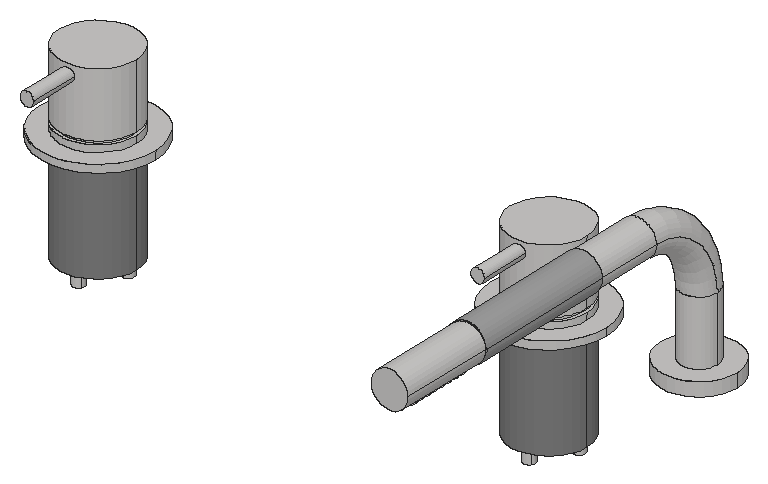
Revit family "SC3", category Plumbing Fixtures, Revit 2021
Family settings
  Round Connector Dimension = Use Diameter
  Part Type = Normal
  Work Plane-Based = No
  Always vertical = Yes
  Cut with Voids When Loaded = No
  Shared = No
  Room Calculation Point = No
Parameters
  e-mail = "info@vola.com"
  URL = "http://vola.com"
  Telephone = "+45 7023 5500"
  Quality management standard = "ISO 9001"
  Organisation no. / DUNS no. = "17531328"
  Occupational health and safety management standard = "ISO 18001"
  Mounting Instructions = "http://vola.com/service/producturl.ashx?name=SC3"
  Model = "SC3"
  Materials and components information = "http://vola.com/service/producturl.ashx?name=SC3"
  Manufacturer = "VOLA A/S"
  Maintenance Instructions = "http://vola.com/service/producturl.ashx?name=SC3"
  Guarantee = "2 years"
  Flow = "38,00 l/min"
  Environmental management standard = "ISO 14000"
  Default Elevation = 0.00 mm
  Connection - All relevant connections = "10mm flexible hose"
  Approvals = "http://vola.com/service/producturl.ashx?name=SC3"
Reference planes
  plane 1 "Center (Front/Back)": y = 0
  plane 2: z = 0
  plane 3 "Center (Left/Right)": x = 0
Dimensions and locks
  aligned and locked: plane 2 to level
Nested families
  nested 1: "2500" at (-312, 0, 0), type "2500"
  nested 2: "500T1" at (0, 0, 0), type "500T1"
Connectors
  piping at (-301.175, 6.25, -63), diameter 6
    settings: on nested 1, index 1, connector inside diameter 0.23622", connector length 0.00 mm, flow factor 0, pipe flow 0 GPM, pressure drop 0.00 psi, fitting loss kfactor 0, connector angle 0.00°, fixture units 0, engagement length 0.00 mm, angle of deflection 0.00°, flow configuration 0, flow direction 1, fitting loss method 0, system type 20, joint type 0, gender type 0, connector reference index -1, connector utility 0, adjustable connector no, is connector primary yes, connector description ""
  piping at (-67.175, 6.25, -63), diameter 6
    settings: on nested 2, index 2, connector inside diameter 0.23622", connector length 0.00 mm, flow factor 0, pipe flow 0 GPM, pressure drop 0.00 psi, fitting loss kfactor 0, connector angle 0.00°, fixture units 0, engagement length 0.00 mm, angle of deflection 0.00°, flow configuration 0, flow direction 1, fitting loss method 0, system type 20, joint type 0, gender type 0, connector reference index -1, connector utility 0, adjustable connector no, is connector primary no, connector description ""
  piping at (-322.825, 6.25, -63), diameter 6
    settings: on nested 1, index 3, connector inside diameter 0.23622", connector length 0.00 mm, flow factor 0, pipe flow 0 GPM, pressure drop 0.00 psi, fitting loss kfactor 0, connector angle 0.00°, fixture units 0, engagement length 0.00 mm, angle of deflection 0.00°, flow configuration 0, flow direction 1, fitting loss method 0, system type 19, joint type 0, gender type 0, connector reference index -1, connector utility 0, adjustable connector no, is connector primary no, connector description ""
  piping at (-88.825, 6.25, -63), diameter 6
    settings: on nested 2, index 4, connector inside diameter 0.23622", connector length 0.00 mm, flow factor 0, pipe flow 0 GPM, pressure drop 0.00 psi, fitting loss kfactor 0, connector angle 0.00°, fixture units 0, engagement length 0.00 mm, angle of deflection 0.00°, flow configuration 0, flow direction 1, fitting loss method 0, system type 19, joint type 0, gender type 0, connector reference index -1, connector utility 0, adjustable connector no, is connector primary no, connector description ""
Definition of nested family "2500"
  Parameters
    e-mail = "info@vola.com"
    URL = "http://vola.com"
    Telephone = "+45 7023 5500"
    Quality management standard = "ISO 9001"
    Organisation no. / DUNS no. = "17531328"
    Occupational health and safety management standard = "ISO 18001"
    Mounting Instructions = "http://vola.com/service/producturl.ashx?name=2500"
    Model = "2500"
    Materials and components information = "http://vola.com/service/producturl.ashx?name=2500"
    Manufacturer = "VOLA A/S"
    Maintenance Instructions = "http://vola.com/service/producturl.ashx?name=2500"
    Guarantee = "2 years"
    Flow = "18,70 l/min"
    Environmental management standard = "ISO 14000"
    Default Elevation = 0.00 mm
    Connection - All relevant connections = "10mm flexible hose"
    Approvals = "http://vola.com/service/producturl.ashx?name=2500"
  Reference planes
    plane 1 "Center (Front/Back)": y = 0
    plane 2: z = 0
    plane 3 "Center (Left/Right)": x = 0
  Forms (mm)
    Extrusion 1, solid
      sketch origin (0, 0, 0) x (1, 0, 0) y (0, 1, 0)
        loop
          circle (0, 0) r 30
      from 0 to 4
    Extrusion 2, solid
      sketch origin (0, 0, 7.5) x (1, 0, 0) y (0, 1, 0)
        loop
          circle (0, 0) r 18.25
      from 0 to 2
    Extrusion 3, solid
      sketch origin (0, 0, 9.5) x (1, 0, 0) y (0, 1, 0)
        loop
          circle (0, 0) r 20
      from 0 to 33.5
    Extrusion 4, solid
      sketch origin (0, 0, 3.25) x (1, 0, 0) y (0, 0, 1)
        loop
          circle (0, 34.5) r 3.5
      from 0 to 46
    Extrusion 5, solid
      sketch origin (0, 0, 0) x (0, 1, 0) y (1, 0, 0)
        loop
          circle (0, 0) r 20
      from 0 to 55
    Extrusion 6, solid
      sketch origin (0, 0, -55) x (0, 1, 0) y (1, 0, 0)
        loop
          circle (6.25, 10.825) r 3
        loop
          circle (6.25, -10.825) r 3
        loop
          circle (-12.5, 0) r 3
      from 0 to 8
    Extrusion 7, solid
      sketch origin (0, 0, 4) x (1, 0, 0) y (0, 1, 0)
        loop
          circle (0, 0) r 20
      from 0 to 3.5
  Cuts and joins
    joined: Extrusion 3, Extrusion 4
  Lines and regions (mm)
    model lines
      curve 1: line (6.05, -19.063, 43) -> (6.05, 19.063, 43)
      curve 2: line (-6.05, -19.063, 43) -> (-6.05, 19.063, 43)
    reference lines
      curve 3: line (-10.825, 6.25, -55) -> (-10.825, 6.25, -80)
      curve 4: line (10.825, 6.25, -55) -> (10.825, 6.25, -80)
  Dimensions and locks
    aligned and locked: plane 2 to level
Definition of nested family "500T1"
  Parameters
    e-mail = "info@vola.com"
    URL = "http://vola.com"
    Telephone = "+45 7023 5500"
    Quality management standard = "ISO 9001"
    Organisation no. / DUNS no. = "17531328"
    Occupational health and safety management standard = "ISO 18001"
    Mounting Instructions = "http://vola.com/service/producturl.ashx?name=500T1"
    Model = "500T1"
    Materials and components information = "http://vola.com/service/producturl.ashx?name=500T1"
    Manufacturer = "VOLA A/S"
    Maintenance Instructions = "http://vola.com/service/producturl.ashx?name=500T1"
    Guarantee = "2 years"
    Flow = "11,00 l/min"
    Environmental management standard = "ISO 14000"
    Default Elevation = 0.00 mm
    Connection - All relevant connections = "10mm flexible hose"
    Approvals = "http://vola.com/service/producturl.ashx?name=500T1"
  Reference planes
    plane 1 "Center (Front/Back)": y = 0
    plane 2: z = 0
    plane 3 "Center (Left/Right)": x = 0
  Dimensions and locks
    aligned and locked: plane 2 to level
  Nested families
    nested 1: "T1" at (0, 0, 0), type "T1"
    nested 2: "500" at (-78, 0, 0), type "500"
  Connectors
    piping at (-88.825, 6.25, -63), diameter 6
      settings: on nested 2, index 1, connector inside diameter 0.23622", connector length 0.00 mm, flow factor 0, pipe flow 0 GPM, pressure drop 0.00 psi, fitting loss kfactor 0, connector angle 0.00°, fixture units 0, engagement length 0.00 mm, angle of deflection 0.00°, flow configuration 0, flow direction 1, fitting loss method 0, system type 19, joint type 0, gender type 0, connector reference index -1, connector utility 0, adjustable connector no, is connector primary yes, connector description ""
    piping at (-67.175, 6.25, -63), diameter 6
      settings: on nested 2, index 2, connector inside diameter 0.23622", connector length 0.00 mm, flow factor 0, pipe flow 0 GPM, pressure drop 0.00 psi, fitting loss kfactor 0, connector angle 0.00°, fixture units 0, engagement length 0.00 mm, angle of deflection 0.00°, flow configuration 0, flow direction 1, fitting loss method 0, system type 20, joint type 0, gender type 0, connector reference index -1, connector utility 0, adjustable connector no, is connector primary no, connector description ""
  Definition of nested family "T1"
    Parameters
      e-mail = "info@vola.com"
      URL = "http://vola.com"
      Telephone = "+45 7023 5500"
      Quality management standard = "ISO 9001"
      Organisation no. / DUNS no. = "17531328"
      Occupational health and safety management standard = "ISO 18001"
      Mounting Instructions = "http://vola.com/service/producturl.ashx?name=T1"
      Model = "T1"
      Materials and components information = "http://vola.com/service/producturl.ashx?name=T1"
      Manufacturer = "VOLA A/S"
      Maintenance Instructions = "http://vola.com/service/producturl.ashx?name=T1"
      Guarantee = "2 years"
      Environmental management standard = "ISO 14000"
      Default Elevation = 0.00 mm
      Connection - All relevant connections = ""
      Approvals = "http://vola.com/service/producturl.ashx?name=T1"
    Reference planes
      plane 1 "Center (Front/Back)": y = 0
      plane 2: z = 0
      plane 3 "Center (Left/Right)": x = 0
    Forms (mm)
      Extrusion 1, solid
        sketch origin (0, 0, 0) x (1, 0, 0) y (0, 1, 0)
          loop
            circle (0, 0) r 20
        from 0 to 7
      Sweep 2, solid
        path origin (0, 0, 0) x (0, 1, 0) y (0, 0, 1)
          loop
            line (0, 7) -> (0, 40.5)
            arc (0, 40.5) -> (-11.569, 68.431) -> (-39.5, 80) r 39.5
            line (-39.5, 80) -> (-75.5, 80)
        profile origin (0, 0, 23.75) x (0, -1, 0) y (1, 0, 0)
          loop
            circle (0, 0) r 9.5
      Extrusion 3, solid
        sketch origin (0, -75.5, 80) x (1, 0, 0) y (0, 0, 1)
          loop
            circle (0, 0) r 10
        from 0 to 75
      Extrusion 4, solid
        sketch origin (0, -150.5, 80) x (1, 0, 0) y (0, 0, 1)
          loop
            circle (0, 0) r 9.5
        from 0 to 50
      Extrusion 5, solid
        sketch origin (0, 9.25, 62.884) x (1, 0, 0) y (0, 1, 0)
          loop
            circle (0, -200.45) r 1.225
          loop
            circle (0, -195.95) r 1.225
          loop
            circle (0, -191.45) r 1.225
          loop
            circle (0, -186.95) r 1.225
          loop
            circle (0, -182.45) r 1.225
          loop
            circle (0, -177.95) r 1.225
          loop
            circle (0, -173.45) r 1.225
          loop
            circle (0, -168.95) r 1.225
        from 7.116 to 10.217
      Extrusion 6, solid
        sketch origin (8.298, 9.25, 65.03) x (-0.87462, 0, -0.48481) y (0, -1, 0)
          loop
            circle (0, 200.45) r 1.225
          loop
            circle (0, 195.95) r 1.225
          loop
            circle (0, 191.45) r 1.225
          loop
            circle (0, 186.95) r 1.225
          loop
            circle (0, 182.45) r 1.225
          loop
            circle (0, 177.95) r 1.225
          loop
            circle (0, 173.45) r 1.225
          loop
            circle (0, 168.95) r 1.225
        from 7.116 to 10.217
      Extrusion 7, solid
        sketch origin (-8.298, 9.25, 65.03) x (0.87462, 0, -0.48481) y (0, 1, 0)
          loop
            circle (0, -200.45) r 1.225
          loop
            circle (0, -195.95) r 1.225
          loop
            circle (0, -191.45) r 1.225
          loop
            circle (0, -186.95) r 1.225
          loop
            circle (0, -182.45) r 1.225
          loop
            circle (0, -177.95) r 1.225
          loop
            circle (0, -173.45) r 1.225
          loop
            circle (0, -168.95) r 1.225
        from 7.116 to 10.217
    Cuts and joins
      joined: Extrusion 4, Extrusion 5, Extrusion 6, Extrusion 7
    Dimensions and locks
      aligned and locked: plane 2 to level
  Definition of nested family "500"
    Parameters
      e-mail = "info@vola.com"
      URL = "http://vola.com"
      Telephone = "+45 7023 5500"
      Quality management standard = "ISO 9001"
      Organisation no. / DUNS no. = "17531328"
      Occupational health and safety management standard = "ISO 18001"
      Mounting Instructions = "http://vola.com/service/producturl.ashx?name=500"
      Model = "500"
      Materials and components information = "http://vola.com/service/producturl.ashx?name=500"
      Manufacturer = "VOLA A/S"
      Maintenance Instructions = "http://vola.com/service/producturl.ashx?name=500"
      Guarantee = "2 years"
      Flow = "14,50 l/min"
      Environmental management standard = "ISO 14000"
      Default Elevation = 0.00 mm
      Connection - All relevant connections = "10mm flexible hose"
      Approvals = "http://vola.com/service/producturl.ashx?name=500"
    Reference planes
      plane 1 "Center (Front/Back)": y = 0
      plane 2: z = 0
      plane 3 "Center (Left/Right)": x = 0
    Forms (mm)
      Extrusion 1, solid
        sketch origin (0, 0, 0) x (1, 0, 0) y (0, 1, 0)
          loop
            circle (0, 0) r 30
        from 0 to 4
      Extrusion 2, solid
        sketch origin (0, 0, 7.5) x (1, 0, 0) y (0, 1, 0)
          loop
            circle (0, 0) r 18.25
        from 0 to 2
      Extrusion 3, solid
        sketch origin (0, 0, 9.5) x (1, 0, 0) y (0, 1, 0)
          loop
            circle (0, 0) r 20
        from 0 to 33.5
      Extrusion 4, solid
        sketch origin (0, 0, 3.25) x (1, 0, 0) y (0, 0, 1)
          loop
            circle (0, 34.5) r 3.5
        from 0 to 46
      Extrusion 5, solid
        sketch origin (0, 0, 0) x (0, 1, 0) y (1, 0, 0)
          loop
            circle (0, 0) r 20
        from 0 to 55
      Extrusion 6, solid
        sketch origin (0, 0, -55) x (0, 1, 0) y (1, 0, 0)
          loop
            circle (6.25, 10.825) r 3
          loop
            circle (6.25, -10.825) r 3
          loop
            circle (-12.5, 0) r 3
        from 0 to 8
      Extrusion 7, solid
        sketch origin (0, 0, 4) x (1, 0, 0) y (0, 1, 0)
          loop
            circle (0, 0) r 20
        from 0 to 3.5
    Cuts and joins
      joined: Extrusion 3, Extrusion 4
    Lines and regions (mm)
      model lines
        curve 1: line (6.05, -19.063, 43) -> (6.05, 19.063, 43)
        curve 2: line (-6.05, -19.063, 43) -> (-6.05, 19.063, 43)
      reference lines
        curve 3: line (-10.825, 6.25, -55) -> (-10.825, 6.25, -80)
        curve 4: line (10.825, 6.25, -55) -> (10.825, 6.25, -80)
    Dimensions and locks
      aligned and locked: plane 2 to level
